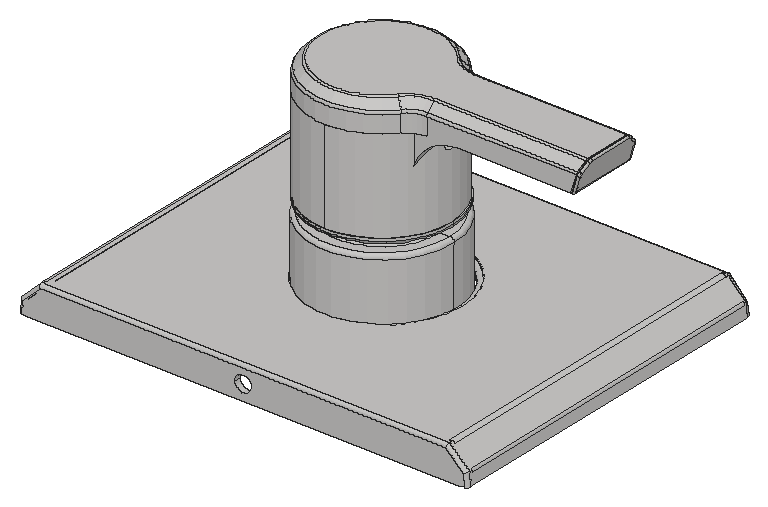
Revit family "Faucet-Delta-FGT14099", category Plumbing Fixtures, host Face, Revit 2014
Parameters (values of type "Standard")
  Width = 5 5/8"  # constant formula
  Vent Connection = no
  URL = "www.deltafaucet.com"
  Manufacturer = "DELTA"  # constant formula
  Faucet Material = Metal - Delta - Stainless-Steel
  Model = "FGT14099"  # constant formula
  Height = 13 9/32"  # constant formula
  Description = "Faucet"  # constant formula
  Depth = 5 23/32"  # constant formula
  Default Elevation = 0"
Reference planes (in)
  plane 1 "Center (Front/Back)": y = 0
  plane 2: z = 0
  plane 3 "Center (Left/Right)": x = 0
  plane 4: z = 13.28125
  plane 5: y = 2.859375
  plane 6: y = -2.859375
  plane 7: x = -2.8125
  plane 8: x = 2.8125
Forms (in)
  Sweep 1, solid, material "Metal - Delta - Stainless-Steel" <- "Faucet Material"
    path origin (0, 25.3125, -1.59375) x (0, 1, 0) y (0, 0, 1)
      loop
        line (-32.1661897, 2.5042229) -> (-18.6284045, 2.5042229)
    profile origin (0, -0.0847971, 0.9104729) x (0, 0, 1) y (1, 0, 0)
      loop
        arc (0.3286992, -8.1897405) -> (0.3828924, -8.1086346) -> (0.4019225, -8.0129638) r 0.25
        line (0.4019225, -8.0129638) -> (0.4019225, 8.0081453)
        arc (0.4019225, 8.0081453) -> (0.3816623, 8.1100001) -> (0.3239662, 8.1963484) r 0.2661593
        line (0.3239662, 8.1963484) -> (-0.3239662, 8.8442809)
        arc (-0.3239662, 8.8442809) -> (-0.3755399, 8.8803931) -> (-0.4363543, 8.8966883) r 0.1812854
        line (-0.4363543, 8.8966883) -> (-0.8786229, 8.9353818) -> (-0.8786229, 8.7582545) -> (-0.4326273, 8.719235) -> (0.2326781, 8.0539295) -> (0.2326781, -8.0346139) -> (-0.4273127, -8.7183152) -> (-0.8786229, -8.7565336) -> (-0.8786229, -8.9349662) -> (-0.4078333, -8.8854842)
        arc (-0.4078333, -8.8854842) -> (-0.3656443, -8.8735857) -> (-0.329847, -8.8482867) r 0.1294209
        line (-0.329847, -8.8482867) -> (0.3286992, -8.1897405)
  Sweep 2, solid, material "Metal - Delta - Stainless-Steel" <- "Faucet Material"
    path in 3D
      loop
        line (8.9353818, -6.8536897, 0.03185) -> (8.8909375, -6.8536897, 0.53985) -> (8.1183921, -6.8536897, 1.3123954) -> (-8.1165171, -6.8536897, 1.3123954) -> (-8.8806936, -6.8536897, 0.5482189) -> (-8.9349662, -6.8536897, 0.03185)
    profile origin (0.0009375, -6.8536897, 1.3123954) x (0, -1, 0) y (0, 0, 1)
      loop
        line (0, 0) -> (0, -0.367667) -> (0.25, -0.367667) -> (0.25, -0.1374924)
        arc (0.25, -0.1374924) -> (0.2097294, -0.0402706) -> (0.1125076, 0) r 0.1374924
        line (0.1125076, 0) -> (0, 0)
  Extrusion 3, solid, material "Metal - Delta - Stainless-Steel" <- "Faucet Material"
    sketch origin (8.7984126, -7.1036897, 0.0198668) x (-0.087156, 0, 0.996195) y (-0.996195, 0, -0.087156)
      loop
        line (2.3823023, 16.6182432) -> (1.8692174, 17.2297139) -> (1.4873493, 17.3039416) -> (-0.002186, 0.2301747) -> (0.3761206, 0.2301747) -> (0.9938831, 0.748539) -> (2.3823023, 16.6182432)
    from 0 to -0.25
  Sweep 4, solid, material "Metal - Delta - Stainless-Steel" <- "Faucet Material"
    path origin (-0.004366, 25.2778035, -1.4819336) x (1, 0, 0) y (0, 1, 0)
      loop
        line (9.1203438, -26.8503896) -> (2.8736346, -26.8503896)
        arc (2.8736346, -26.8503896) -> (2.462694, -26.9439584) -> (2.1327734, -27.2062171) r 0.9491797
        arc (2.1327734, -27.2062171) -> (-2.8539161, -25.457435) -> (2.1302929, -23.7015956) r 2.8006808
        arc (2.1302929, -23.7015956) -> (2.4599921, -23.9631075) -> (2.8703438, -24.0563896) r 0.9492188
        line (2.8703438, -24.0563896) -> (9.1203438, -24.0563896)
    profile origin (5.9926232, -1.5725861, -1.4819336) x (0, -1, 0) y (0, 0, 1)
      loop
        arc (-0.004159, 10.2000601) -> (-0.0161684, 10.2604355) -> (-0.0503684, 10.3116194) r 0.1577686
        line (-0.0503684, 10.3116194) -> (-0.3523053, 10.6135563)
        arc (-0.3523053, 10.6135563) -> (-0.3886957, 10.6378716) -> (-0.4316212, 10.64641) r 0.1121695
        line (-0.4316212, 10.64641) -> (-0.6803295, 10.64641) -> (-0.6803295, 9.50341) -> (-0.004159, 9.50341) -> (-0.004159, 10.2000601)
  Revolve 5, solid, material "Metal - Delta - Stainless-Steel" <- "Faucet Material"
    sketch origin (-0.03125, -0.171875, 0.0625) x (-1, 0, 0) y (0, 0, 1)
      loop
        arc (2.2913729, 3.68046) -> (2.2345621, 3.7039918) -> (2.2110303, 3.7608026) r 0.0803426
        line (2.2110303, 3.7608026) -> (2.2110303, 4.05992) -> (2.7340403, 4.05992)
        arc (2.7340403, 4.05992) -> (2.8019493, 4.0880488) -> (2.8300781, 4.1559579) r 0.0960379
        line (2.8300781, 4.1559579) -> (2.8300781, 4.2564251) -> (0.109375, 4.2564251) -> (0.109375, -1.5748) -> (2.8651762, -1.5748) -> (2.8651762, 3.5192977)
        arc (2.8651762, 3.5192977) -> (2.8179728, 3.6332567) -> (2.7040139, 3.68046) r 0.1611623
        line (2.7040139, 3.68046) -> (2.2913729, 3.68046)
      axis (0, 4.2564251) -> (0, -1.5748)
    angle from 0 to 360
  Sweep 6, solid, material "Metal - Delta - Stainless-Steel" <- "Faucet Material"
    path in 3D
      loop
        line (-8.9349662, 6.6840955, 0.03185) -> (-8.8806936, 6.6840955, 0.5482189) -> (-8.1165171, 6.6840955, 1.3123954) -> (8.1183921, 6.6840955, 1.3123954) -> (8.8909375, 6.6840955, 0.53985) -> (8.9353818, 6.6840955, 0.03185)
    profile origin (0.0009375, 6.6840955, 1.3123954) x (0, 1, 0) y (0, 0, 1)
      loop
        line (0, 0) -> (0, -0.2792258) -> (0.2315075, -0.2792258) -> (0.2315075, -0.1367187)
        arc (0.2315075, -0.1367187) -> (0.1914635, -0.040044) -> (0.0947887, 0) r 0.1367188
        line (0.0947887, 0) -> (0, 0)
  Extrusion 7, solid, material "Metal - Delta - Stainless-Steel" <- "Faucet Material"
    sketch origin (-8.7989964, 6.915603, 0.017559) x (0.104528, 0, 0.994522) y (0.994522, 0, -0.104528)
      loop
        line (1.0934751, 0.6876058) -> (2.7663059, 16.6035276) -> (2.21549, 17.2837286) -> (1.8146812, 17.361638) -> (0.0048776, 0.142507) -> (0.4203342, 0.142507) -> (1.0934751, 0.6876058)
    from 0 to -0.2315075
  Extrusion 8, void
    sketch origin (0, 0, -0.3125) x (1, 0, 0) y (0, 0, 1)
      loop
        circle (0, 0.921636) r 0.3283283
    from 6.604 to 7.4681874
  Revolve 9, void
    sketch origin (0, 0, -0.3125) x (1, 0, 0) y (0, 0, 1)
      loop
        line (-2.4790649, 0.705651) -> (0, 0.705651) -> (0, 1.7954234) -> (-3.1753689, 1.7954234) -> (-3.1753689, 1.6248954) -> (-3.0271407, 1.6248954)
        arc (-3.0271407, 1.6248954) -> (-2.9107317, 1.5904134) -> (-2.8318831, 1.4980936) r 0.2137361
        line (-2.8318831, 1.4980936) -> (-2.4790649, 0.705651)
      axis (0, 1.7954234) -> (0, 0.705651)
    angle from 0 to 360
  Extrusion 10, solid, material "Metal - Delta - Stainless-Steel" <- "Faucet Material"
    sketch origin (9.1159778, -0.8922566, 9.1644764) x (-1, 0, 0) y (0, -1, 0)
      loop
        arc (6.25, -1.433341) -> (6.9544614, -1.5934806) -> (7.5204645, -2.0424249) r 1.6295483
        arc (7.5204645, -2.0424249) -> (11.2939306, -0.7131066) -> (7.5185866, 0.6108688) r 2.1203513
        arc (7.5185866, 0.6108688) -> (6.9521936, 0.1606348) -> (6.2467093, 0) r 1.6295092
        line (6.2467093, 0) -> (-0.0158035, 0) -> (0, -1.433341) -> (6.25, -1.433341)
    from 0 to -1.143
  Extrusion 11, void
    sketch origin (0, 0, 0) x (1, 0, 0) y (0, 0, 1)
      loop
        line (8.5419441, 7.8126402) -> (9.2888643, 7.8126402) -> (9.2888643, 9.2514916) -> (8.9818451, 9.2514916) -> (8.5419441, 7.8126402)
    from -1.5639211 to 2.1086314
  Extrusion 12, solid, material "Metal - Delta - Stainless-Steel" <- "Faucet Material"
    sketch origin (9.1159778, -1.5684271, 8.0214764) x (0, 1, 0) y (1, 0, 0)
      loop
        circle (1.3907779, -9.1735798) r 2.7965218
    from 0 to 3.7025513
  Sweep 13, solid, material "Metal - Delta - Stainless-Steel" <- "Faucet Material"
    path origin (8.6057917, 0, 8.0214764) x (0.292372, 0, 0.956305) y (0, -1, 0)
      loop
        arc (1.195228, 1.1072973) -> (1.1801433, 1.1809809) -> (1.1373161, 1.2428085) r 0.1875011
        line (1.1373161, 1.2428085) -> (0.8455285, 1.5218512)
        arc (0.8455285, 1.5218512) -> (0.79198, 1.5563489) -> (0.7294369, 1.5684271) r 0.1679688
        line (0.7294369, 1.5684271) -> (0, 1.5684271) -> (0, -1.2172549) -> (0.7294295, -1.2172549)
        arc (0.7294295, -1.2172549) -> (0.7919716, -1.2051771) -> (0.8455195, -1.1706806) r 0.1679688
        line (0.8455195, -1.1706806) -> (1.1373169, -0.8916333)
        arc (1.1373169, -0.8916333) -> (1.1801435, -0.8298062) -> (1.195228, -0.7561233) r 0.1875
        line (1.195228, -0.7561233) -> (1.195228, 1.1072973)
    profile origin (8.9552426, -0.175587, 9.1644786) x (0.292372, 0, 0.956305) y (0.956305, 0, -0.292372)
      loop
        line (0, 0) -> (0, 0.0614438)
        arc (0, 0.0614438) -> (-0.0183348, 0.105708) -> (-0.062599, 0.1240428) r 0.062599
        line (-0.062599, 0.1240428) -> (-0.1131282, 0.1240428) -> (-0.1131282, 0) -> (0, 0)
  Extrusion 14, solid, material "Metal - Delta - Stainless-Steel" <- "Faucet Material"
    sketch origin (8.9376811, -1.4004583, 8.6827738) x (0.292372, 0, 0.956305) y (0, -1, 0)
      loop
        arc (0.3526629, -0.293161) -> (0.3466797, -0.2639346) -> (0.3296926, -0.2394106) r 0.0743729
        line (0.3296926, -0.2394106) -> (0.0379029, 0.0396341)
        arc (0.0379029, 0.0396341) -> (0.0204198, 0.0508972) -> (0, 0.0548406) r 0.0548406
        line (0, 0.0548406) -> (-0.6163088, 0.0548406) -> (-0.6163088, -2.504585) -> (-0.0000074, -2.504585)
        arc (-0.0000074, -2.504585) -> (0.0204121, -2.5006417) -> (0.0378951, -2.4893789) r 0.0548406
        line (0.0378951, -2.4893789) -> (0.3296925, -2.2103316)
        arc (0.3296925, -2.2103316) -> (0.3466796, -2.1858079) -> (0.3526629, -2.1565816) r 0.0743718
        line (0.3526629, -2.1565816) -> (0.3526629, -0.293161)
    from 0 to -0.1240428
  Extrusion 15, solid, material "Metal - Delta - Stainless-Steel" <- "Faucet Material"
    sketch origin (0, 0, 0) x (1, 0, 0) y (0, 0, 1)
      loop
        line (4.0917932, 8.0214764) -> (2.3417932, 8.0214764) -> (2.3417932, 6.7037628)
        arc (2.3417932, 6.7037628) -> (2.9964771, 7.6552121) -> (4.0917932, 8.0214764) r 1.8209075
    from -1.2172549 to 1.5684271
  Extrusion 16, void
    sketch origin (0, 0, 0) x (0, 1, 0) y (0, 0, 1)
      loop
        circle (-0.1681136, 7.3075425) r 0.4067189
    from 2.1368976 to 3.192424
Cuts and joins
  Extrusion 8, Revolve 9, Extrusion 16 cuts Sweep 1
  Extrusion 8, Revolve 9, Extrusion 16 cuts Sweep 2
  Extrusion 8, Revolve 9, Extrusion 16 cuts Extrusion 3
  Extrusion 11, Extrusion 16 cuts Sweep 4
  Extrusion 8, Extrusion 16 cuts Revolve 5
  Extrusion 8, Revolve 9, Extrusion 16 cuts Sweep 6
  Extrusion 8, Revolve 9, Extrusion 16 cuts Extrusion 7
  Extrusion 11, Extrusion 16 cuts Extrusion 10
  Extrusion 16 cuts Extrusion 12
  Extrusion 16 cuts Extrusion 15
  joined: Sweep 1, Sweep 2, Extrusion 3, Sweep 4, Revolve 5, Sweep 6, Extrusion 7, Extrusion 10, Extrusion 12, Extrusion 15
  joined: Sweep 13, Extrusion 14
Lines and regions (in)
  sketch lines
    curve 1: line (8.1183921, -6.8536897, 1.3123954) -> (-8.1165171, -6.8536897, 1.3123954)
    curve 2: line (8.8909375, -6.8536897, 0.53985) -> (8.1183921, -6.8536897, 1.3123954)
    curve 3: line (8.9353818, -6.8536897, 0.03185) -> (8.8909375, -6.8536897, 0.53985)
    curve 4: line (-8.1165171, -6.8536897, 1.3123954) -> (-8.8806936, -6.8536897, 0.5482189)
    curve 5: line (-8.8806936, -6.8536897, 0.5482189) -> (-8.9349662, -6.8536897, 0.03185)
    curve 6: line (-8.1165171, 6.6840955, 1.3123954) -> (8.1183921, 6.6840955, 1.3123954)
    curve 7: line (8.1183921, 6.6840955, 1.3123954) -> (8.8909375, 6.6840955, 0.53985)
    curve 8: line (8.8909375, 6.6840955, 0.53985) -> (8.9353818, 6.6840955, 0.03185)
    curve 9: line (-8.8806936, 6.6840955, 0.5482189) -> (-8.1165171, 6.6840955, 1.3123954)
    curve 10: line (-8.9349662, 6.6840955, 0.03185) -> (-8.8806936, 6.6840955, 0.5482189)
Dimensions and locks (in)
  "Height": plane 4 to plane 2
  equal spacing: plane 5, plane 1 "Center (Front/Back)", plane 6
  "Depth": plane 5 to plane 6
  equal spacing: plane 7, plane 3 "Center (Left/Right)", plane 8
  "Width": plane 7 to plane 8
  aligned and locked: plane 2 to host face
  aligned and locked: level to host face
Automatic sketch dimensions
  host sketch curve to host sketch curve = 96"  (x2)
  level to Sweep 1 sketch curve = 0.91047"
  profile plane to Sweep 1 sketch curve = 0.87862"  (x2)
  Sweep 1 sketch curve to Sweep 1 sketch curve = 0.42647"
  Sweep 1 sketch curve to Sweep 1 sketch curve = 0.0158"
  Sweep 1 sketch curve to Sweep 1 sketch curve = 5/256"
  profile plane to Sweep 1 sketch curve = 0.42731"
  Sweep 1 sketch curve to Sweep 1 sketch curve = 0.00595"
  Sweep 1 sketch curve to Sweep 1 sketch curve = 0.01353"
  Sweep 1 sketch curve to Sweep 1 sketch curve = 0.07799"
  Sweep 1 sketch curve to Sweep 1 sketch curve = 0.11239"
  Sweep 1 sketch curve to profile plane = 0.13576"
  Sweep 1 sketch curve to profile plane = 0.15192"
  Sweep 1 sketch curve to Sweep 1 sketch curve = 0.08076"
  Sweep 1 sketch curve to Sweep 1 sketch curve = 0.09129"
  Sweep 1 sketch curve to Sweep 1 sketch curve = 0.09602"
  Sweep 1 sketch curve to Sweep 1 sketch curve = 0.16924"
  Sweep 1 sketch curve to profile plane = 8.93497"
  Sweep 1 sketch curve to Sweep 1 sketch curve = 0.04948"
  Sweep 1 sketch curve to Sweep 1 sketch curve = 0.0372"
  Sweep 1 sketch curve to Sweep 1 sketch curve = 0.17843"
  Sweep 1 sketch curve to Sweep 1 sketch curve = 0.03846"
  Sweep 1 sketch curve to Sweep 1 sketch curve = 0.52857"
  Sweep 1 sketch curve to Sweep 1 sketch curve = 0.02165"
  profile plane to Sweep 1 sketch curve = 8.00815"
  Sweep 1 sketch curve to Sweep 1 sketch curve = 0.04578"
  Sweep 1 sketch curve to Sweep 1 sketch curve = 0.70795"
  Sweep 1 sketch curve to Sweep 1 sketch curve = 0.00314"
  Sweep 1 sketch curve to Sweep 1 sketch curve = 0.04216"
  Sweep 1 sketch curve to Sweep 1 sketch curve = 0.12505"
  Sweep 1 sketch curve to Sweep 1 sketch curve = 0.17713"
  Sweep 2 sketch curve to profile plane = 0"  (x2)
  Sweep 2 sketch curve to Sweep 2 sketch curve = 0.11251"
  Sweep 2 sketch curve to Sweep 2 sketch curve = 1/4"
  Sweep 2 sketch curve to Sweep 2 sketch curve = 0.23017"
  Sweep 2 to Extrusion 3 sketch curve = 0"
  Extrusion 3 sketch curve to Sweep 2 = 0"  (x9)
  Extrusion 3 sketch curve to Sweep 2 = 0.00219"
  Sweep 6 sketch curve to profile plane = 0"  (x2)
  Sweep 6 sketch curve to Sweep 6 sketch curve = 0.09479"
  Sweep 6 sketch curve to Sweep 6 sketch curve = 0.23151"
  Sweep 6 sketch curve to Sweep 6 sketch curve = 0.27923"
  Sweep 6 to Extrusion 7 sketch curve = 0.00488"
  Extrusion 7 sketch curve to Sweep 6 = 0"  (x10)
  Extrusion 8 sketch curve to plane 3 "Center (Left/Right)" = 0"
  level to Extrusion 8 sketch curve = 0.60914"
  Sweep 1 sketch curve to plane 1 "Center (Front/Back)" = 6.6841"
  plane 1 "Center (Front/Back)" to Sweep 1 sketch curve = 6.85369"
  Revolve 9 sketch curve to plane 3 "Center (Left/Right)" = 0"  (x2)
  plane 7 to Revolve 9 sketch curve = 0.33344"
  Revolve 9 sketch curve to plane 7 = 0.01938"
  Revolve 9 sketch curve to Revolve 9 sketch curve = 0.19526"
  Revolve 9 sketch curve to Revolve 9 sketch curve = 0.14823"
  level to Revolve 9 sketch curve = 0.39315"
  Revolve 9 sketch curve to Revolve 9 sketch curve = 0.70551"
  Revolve 9 sketch curve to Revolve 9 sketch curve = 0.08693"
  Revolve 9 sketch curve to Revolve 9 sketch curve = 1.08977"
  Revolve 9 sketch curve to Revolve 9 sketch curve = 0.04489"
  Revolve 9 sketch curve to Revolve 9 sketch curve = 1/2"
  profile plane to Sweep 4 sketch curve = 0.68033"
  Sweep 4 sketch curve to Sweep 4 sketch curve = 0.24871"
  Sweep 4 sketch curve to Sweep 4 sketch curve = 0.07932"  (x2)
  profile plane to Sweep 4 sketch curve = 0.16193"
  profile plane to Sweep 4 sketch curve = 0.05037"
  profile plane to Sweep 4 sketch curve = 0.00416"
  profile plane to Sweep 4 sketch curve = 9.50341"
  Sweep 4 sketch curve to Sweep 4 sketch curve = 0.69665"
  Sweep 4 sketch curve to Sweep 4 sketch curve = 0.33418"
  Extrusion 10 sketch curve to Sweep 4 = 0"
  Extrusion 10 sketch curve to Sweep 4 = 0.0158"
  Sweep 4 sketch curve to plane 3 "Center (Left/Right)" = 0.0576"
  plane 8 to Sweep 4 sketch curve = 0.05348"
  plane 8 to Sweep 4 sketch curve = 0.05677"
  plane 6 to Sweep 4 sketch curve = 0.33761"
  Sweep 4 sketch curve to Sweep 4 sketch curve = 0.94918"
  plane 1 "Center (Front/Back)" to Sweep 4 sketch curve = 0.17765"
  Sweep 4 sketch curve to plane 1 "Center (Front/Back)" = 1.22141"
  Sweep 4 sketch curve to plane 5 = 0.68874"
  Sweep 4 sketch curve to Sweep 4 sketch curve = 0"  (x2)
  Sweep 4 sketch curve to Sweep 4 sketch curve = 6.24671"
  plane 8 to Extrusion 11 sketch curve = 6.16935"
  Extrusion 11 sketch curve to Extrusion 11 sketch curve = 0.30702"
  Extrusion 11 sketch curve to plane 4 = 4.02976"
  Extrusion 11 sketch curve to Extrusion 11 sketch curve = 0.74692"
  Extrusion 11 sketch curve to Extrusion 11 sketch curve = 1.43885"
  Revolve 5 sketch curve to plane 3 "Center (Left/Right)" = 1/32"
  Revolve 5 sketch curve to plane 3 "Center (Left/Right)" = 9/64"
  Revolve 5 sketch curve to plane 7 = 0.04883"
  plane 7 to Revolve 5 sketch curve = 0.57022"
  Revolve 5 sketch curve to Revolve 5 sketch curve = 0.08034"
  plane 7 to Revolve 5 sketch curve = 0.07724"
  plane 7 to Revolve 5 sketch curve = 0.04721"
  Revolve 5 sketch curve to plane 7 = 0.08393"
  Revolve 5 sketch curve to level = 1.5123"
  level to Revolve 5 sketch curve = 3.5818"
  Revolve 5 sketch curve to Revolve 5 sketch curve = 0.29912"
  Revolve 5 sketch curve to Revolve 5 sketch curve = 0.10047"
  Revolve 5 sketch curve to plane 4 = 4.35669"
  Revolve 5 sketch curve to Revolve 5 sketch curve = 0.70434"
  Sweep 13 sketch curve to profile plane = 0"
  profile plane to Sweep 13 sketch curve = 0"
  profile plane to Sweep 13 sketch curve = 0.0626"
  Sweep 13 sketch curve to Sweep 13 sketch curve = 0.05053"
  profile plane to Sweep 13 sketch curve = 0.06144"
  Sweep 13 sketch curve to Extrusion 11 = 0.21838"
  Extrusion 11 to Sweep 13 sketch curve = 0.34667"
  Sweep 13 sketch curve to Extrusion 11 = 0.55679"
  Sweep 13 sketch curve to Extrusion 11 = 0.55678"
  Extrusion 11 to Sweep 13 sketch curve = 0.39324"
  Sweep 13 sketch curve to Sweep 13 sketch curve = 0.11609"  (x2)
  Sweep 13 sketch curve to Extrusion 11 = 0.27849"  (x2)
  Sweep 13 sketch curve to Extrusion 11 = 0.1489"  (x2)
  Sweep 13 sketch curve to Extrusion 11 = 0.09099"
  Sweep 13 sketch curve to Sweep 13 sketch curve = 0.27905"
  Extrusion 11 to Sweep 13 sketch curve = 1.00133"
  Sweep 13 sketch curve to Sweep 13 sketch curve = 0.29316"
  Sweep 13 sketch curve to Sweep 13 sketch curve = 0.12139"
  Extrusion 14 sketch curve to Sweep 13 = 0"  (x2)
  Extrusion 14 sketch curve to Sweep 13 = 0.01521"  (x2)
  Extrusion 14 sketch curve to Extrusion 14 sketch curve = 0.07437"
  Extrusion 14 sketch curve to Sweep 13 = 0.02297"  (x2)
  plane 1 "Center (Front/Back)" to Extrusion 16 sketch curve = 0.16811"
  Extrusion 16 sketch curve to plane 4 = 5.97371"
  Extrusion 15 sketch curve to plane 8 = 0.47071"
  plane 8 to Extrusion 15 sketch curve = 1.27929"
  level to Extrusion 15 sketch curve = 6.20057"
  Extrusion 15 sketch curve to Extrusion 15 sketch curve = 1.31771"
  radius of Extrusion 8 sketch curve = 0.32833"
  radius of Extrusion 10 sketch curve to Sweep 4 = 0"  (x3)
  radius of Extrusion 12 sketch curve to Sweep 4 = 0"
  radius of Extrusion 14 sketch curve to Sweep 13 = 0"  (x3)
  radius of Extrusion 16 sketch curve = 0.40672"
